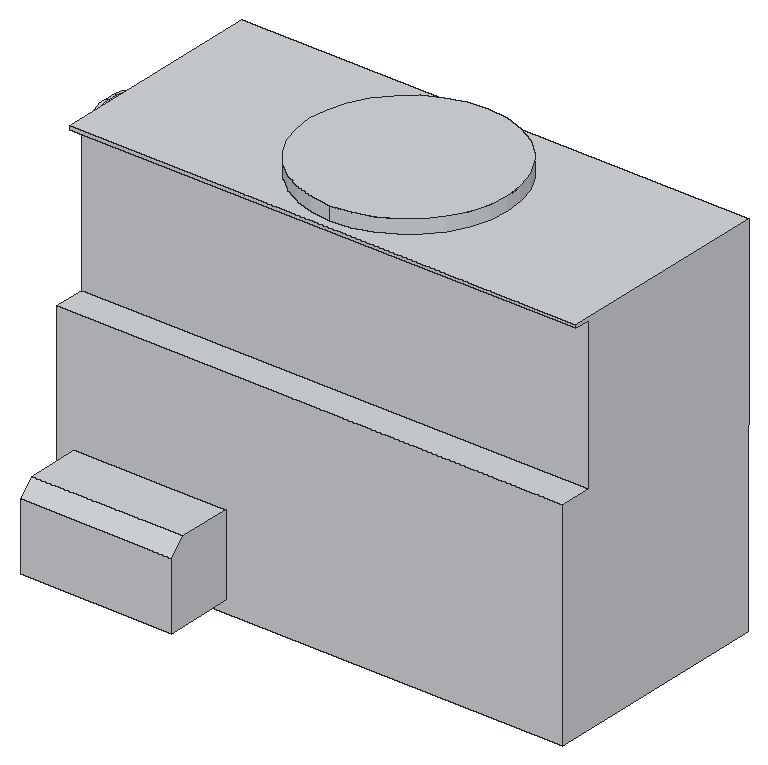
Revit family "581b372560b144fbbfe959cab2be61c9", category Mechanical Equipment, Revit 2021
Family settings
  Round Connector Dimension = Use Radius
  Part Type = Normal
  OmniClass Number = 23.75.10.37.11
  OmniClass Title = Mechanical-Draft Cooling Towers
  Seek Item ID = Cooling Tower - Closed Circuit - Counterflow - 147-322 MBH-0000-USA-ENU
  Work Plane-Based = No
  Always vertical = Yes
  Cut with Voids When Loaded = No
  Shared = No
  Room Calculation Point = No
Parameters (values of type "147 MBH")
  Voltage = 460 V
  Visible 2 = yes
  Visible 1 = no
  Tower Material = none
  Tower Length = 11' - 11 1/2"
  Tower Height = 9' - 0 3/4"
  Make-up Water Pressure Drop [instance] = 0.00 psi
  Load Classification = Cooling
  Default Elevation = 0' - 0"
  Cooling Water Pressure Drop [instance] = 40.00 psi
  Number of Poles = 3
  Number of Fans = 1
  Motor HP = 16.5
  Make-up Water Radius = 1"
  Make-up Water Flow [instance] = 0.05 * Cooling Water Flow / 100  # 0.1225 GPM
  Length 2 = Tower Length / 3  # 3' - 11.83333"
  Length 1 = 1' - 1 1/8"
  Heat Loss [instance] = 147000 Btu/h
  Fan Air Flow [instance] = 38800 CFM
  Drain Radius = 2"
  Distance 1 = 2' - 6 3/4"
  Cooling Water Radius = Cooling Water Diameter / 2  # 2"
  Cooling Water Flow [instance] = 245 GPM
  Cooling Water Diameter = 4"
  C1 Offset 1 = 2' - 7 1/8"
  Apparent Load = 10342 VA
Types (8): name | Visible 2 | Visible 1 | Tower Length | Tower Height | Cooling Water Pressure Drop | Number of Fans | Motor HP | Make-up Water Flow | Length 2 | Length 1 | Heat Loss | Fan Air Flow | Distance 1 | Cooling Water Flow | C1 Offset 1 | Apparent Load
  (no name) | yes | no | 11' - 11 1/2" | 9' - 0 3/4" | 40.00 psi | 1 | 16.5 | 0.1225 GPM | 3' - 11.83333" | 1' - 1 1/8" | 147000 Btu/h | 38800 CFM | 2' - 6 3/4" | 245 GPM | 2' - 7 1/8" | 10342 VA
  147 MBH | yes | no | 11' - 11 1/2" | 9' - 0 3/4" | 40.00 psi | 1 | 16.5 | 0.1225 GPM | 3' - 11.83333" | 1' - 1 1/8" | 147000 Btu/h | 38800 CFM | 2' - 6 3/4" | 245 GPM | 2' - 7 1/8" | 10342 VA
  178 MBH | yes | no | 11' - 11 1/2" | 9' - 9 1/4" | 40.00 psi | 1 | 17 | 0.1725 GPM | 3' - 11.83333" | 1' - 1 1/8" | 178000 Btu/h | 38000 CFM | 2' - 6 3/4" | 345 GPM | 2' - 7 1/8" | 10655 VA
  200 MBH | yes | no | 11' - 11 1/2" | 10' - 5 3/4" | 40.00 psi | 1 | 22 | 0.1725 GPM | 3' - 11.83333" | 1' - 1 1/8" | 200000 Btu/h | 37000 CFM | 2' - 6 3/4" | 345 GPM | 2' - 7 1/8" | 13789 VA
  213 MBH | no | yes | 18' - 0 1/8" | 9' - 0 3/4" | 40.00 psi | 2 | 23 | 0.2575 GPM | 6' - 0.04167" | 1' - 3 3/4" | 223000 Btu/h | 52500 CFM | 30' - 9" | 515 GPM | 2' - 7" | 14416 VA
  269 MBH | no | yes | 18' - 0 1/8" | 9' - 9 1/4" | 45.00 psi | 2 | 28 | 0.2575 GPM | 6' - 0.04167" | 1' - 3 3/4" | 269000 Btu/h | 55600 CFM | 30' - 9" | 515 GPM | 2' - 7" | 17549 VA
  303 MBH | no | yes | 18' - 0 1/8" | 10' - 5 3/4" | 45.00 psi | 2 | 28 | 0.2575 GPM | 6' - 0.04167" | 1' - 3 3/4" | 303000 Btu/h | 53800 CFM | 30' - 9" | 515 GPM | 2' - 7" | 17549 VA
  322 MBH | no | yes | 18' - 0 1/8" | 11' - 2 1/4" | 45.00 psi | 2 | 33 | 0.2575 GPM | 6' - 0.04167" | 1' - 3 3/4" | 322000 Btu/h | 52700 CFM | 30' - 9" | 515 GPM | 2' - 7" | 20683 VA
Reference planes (in)
  plane 1 "Center (Front/Back)": y = 0
  plane 2: z = 0
  plane 3 "Center (Left/Right)": x = 0
  plane 4: x = 143.5
  plane 5: y = 65.5
  plane 6: y = 9
  plane 7: x = -13.125
  plane 8: y = 4.5
  plane 9 "2": x = -7.125
  plane 10 "1": y = 59.5
  plane 11: z = 26.25
  plane 12: z = 17.25
  plane 13: z = 11.25
  plane 14: z = 3.25
  plane 15: z = 14.25
  plane 16: z = 108.75
  plane 17: z = 103.875
  plane 18: z = 104.875
  plane 19: z = 61.125
  plane 20: z = 5.25
  plane 21: z = 9.25
  plane 22: x = -3.125
  plane 23: y = 33.25
  plane 24: y = 23.25
  plane 25: y = 27.25
  plane 26: z = 18.25
  plane 27 "3": z = 96.875
  plane 28: z = 92.875
  plane 29: y = 34.375
  plane 30: y = 30.375
  plane 31: z = 65.75
  plane 32: z = 78.875
  plane 33: z = 35.25
  plane 34: y = 47.125
  plane 35: x = -2
  plane 36: y = -19.125
  plane 37: y = -15.125
  plane 38: z = 22.25
  plane 39: x = 5
  plane 40: x = 138.5
  plane 41: z = 56.125
  plane 42: x = 47.83333
  plane 43: z = 5
  plane 44: z = 47.60417
  plane 45: z = 30.5625
  plane 46: z = 13.52083
  plane 47: z = 39.08333
  plane 48: z = 22.04167
  plane 49: x = 71.75
  plane 50: x = 35.875
  plane 51: x = 107.625
  plane 52: y = 35
Forms (in)
  Extrusion 1, solid, material <- "Tower Material", detail levels medium+fine
    sketch origin (0, 0, 0) x (1, 0, 0) y (0, 1, 0)
      loop
        circle (-7.125, 59.5) r 6
    from 11.25 to 17.25
  Extrusion 2, solid, material <- "Tower Material", detail levels medium+fine
    sketch origin (0, 0, 0) x (1, 0, 0) y (0, 1, 0)
      loop
        circle (-7.125, 59.5) r 4
    from 17.25 to 26.25
  Extrusion 3, solid, material <- "Tower Material"
    sketch origin (0, 0, 0) x (0, 1, 0) y (0, 0, 1)
      loop
        line (65.5, 104.875) -> (4.5, 104.875) -> (4.5, 103.875) -> (9, 103.875) -> (9, 61.125) -> (0, 61.125) -> (0, 0) -> (65.5, 0) -> (65.5, 104.875)
    from 143.5 to 0
  Sweep 4, solid, material <- "Tower Material", detail levels medium+fine
    path in 3D
      loop
        line (-7.125, 59.5, 11.25) -> (-7.125, 59.5, 9.25)
        arc (-7.125, 59.5, 9.25) -> (-5.95343, 59.5, 6.42157) -> (-3.125, 59.5, 5.25) r 4
        line (-3.125, 59.5, 5.25) -> (0, 59.5, 5.25)
    profile origin (-7.125, 59.5, 10.25) x (0, -1, 0) y (1, 0, 0)
      loop
        circle (0, 0) r 2
  Sweep 5, solid, material <- "Tower Material", detail levels medium+fine
    path in 3D
      loop
        line (-7.125, 59.5, 14.25) -> (-7.125, 27.25, 14.25)
        arc (-7.125, 27.25, 14.25) -> (-7.125, 24.42157, 15.42157) -> (-7.125, 23.25, 18.25) r 4
        line (-7.125, 23.25, 18.25) -> (-7.125, 23.25, 92.875)
        arc (-7.125, 23.25, 92.875) -> (-7.125, 24.42157, 95.70343) -> (-7.125, 27.25, 96.875) r 4
        line (-7.125, 27.25, 96.875) -> (-7.125, 30.375, 96.875)
        arc (-7.125, 30.375, 96.875) -> (-5.95343, 33.20343, 96.875) -> (-3.125, 34.375, 96.875) r 4
        line (-3.125, 34.375, 96.875) -> (0, 34.375, 96.875)
    profile origin (-7.125, 43.375, 14.25) x (0, 0, -1) y (1, 0, 0)
      loop
        circle (0, 0) r 2
  Extrusion 6, solid, material <- "Tower Material"
    sketch origin (-7.125, 0, 0) x (0, 1, 0) y (0, 0, 1)
      loop
        circle (34.375, 78.875) r 2
      loop
        circle (34.375, 65.75) r 2
    from -6 to 7.125
  Extrusion 7, solid, material <- "Tower Material"
    sketch origin (-7.125, 0, 0) x (0, 1, 0) y (0, 0, 1)
      loop
        circle (33.25, 26.25) r 1
      loop
        circle (47.125, 35.25) r 9
    from 7.125 to 5.125
  Extrusion 8, solid, material <- "Tower Material"
    sketch origin (-7.125, 0, 0) x (0, 1, 0) y (0, 0, 1)
      loop
        circle (47.125, 3.25) r 2
    from 5.125 to 7.125
  Extrusion 9, solid, material <- "Tower Material"
    sketch origin (-7.125, 0, 0) x (0, 1, 0) y (0, 0, 1)
      loop
        line (0, 26.25) -> (-15.125, 26.25) -> (-19.125, 22.25) -> (-19.125, 3.25) -> (0, 3.25) -> (0, 26.25)
    from 12.125 to 54.95833
  Extrusion 10, solid, material <- "Tower Material", visible <- "Visible 1"
    sketch origin (0, 0, 96.875) x (0, 1, 0) y (-1, 0, 0)
      loop
        circle (35, -107.625) r 28
    from 8 to 11.875
  Extrusion 11, solid, material <- "Tower Material", visible <- "Visible 1"
    sketch origin (0, 0, 96.875) x (0, 1, 0) y (-1, 0, 0)
      loop
        circle (35, -35.875) r 28
    from 8 to 11.875
  Extrusion 12, solid, material <- "Tower Material", visible <- "Visible 2"
    sketch origin (0, 0, 96.875) x (0, 1, 0) y (-1, 0, 0)
      loop
        circle (35, -71.75) r 28
    from 8 to 11.875
Cuts and joins
  joined: Extrusion 1, Extrusion 2, Sweep 4, Sweep 5
  joined: Extrusion 3, Extrusion 6, Extrusion 7, Extrusion 8, Extrusion 9
Lines and regions (in)
  reference lines
    curve 1: line (-7.125, 59.5, 11.25) -> (-7.125, 59.5, 9.25)
    curve 2: line (-3.125, 59.5, 5.25) -> (0, 59.5, 5.25)
    curve 3: arc (-7.125, 59.5, 9.25) -> (-5.95343, 59.5, 6.42157) -> (-3.125, 59.5, 5.25) r 4
    curve 7: line (-7.125, 59.5, 14.25) -> (-7.125, 27.25, 14.25)
    curve 8: arc (-7.125, 27.25, 14.25) -> (-7.125, 24.42157, 15.42157) -> (-7.125, 23.25, 18.25) r 4
    curve 9: line (-7.125, 23.25, 18.25) -> (-7.125, 23.25, 92.875)
    curve 10: arc (-7.125, 23.25, 92.875) -> (-7.125, 24.42157, 95.70343) -> (-7.125, 27.25, 96.875) r 4
    curve 11: line (-7.125, 30.375, 96.875) -> (-7.125, 27.25, 96.875)
    curve 12: arc (-7.125, 30.375, 96.875) -> (-5.95343, 33.20343, 96.875) -> (-3.125, 34.375, 96.875) r 4
    curve 13: line (-3.125, 34.375, 96.875) -> (0, 34.375, 96.875)
  sketch lines
    curve 4: line (-7.125, 59.5, 11.25) -> (-7.125, 59.5, 9.25)
    curve 5: arc (-7.125, 59.5, 9.25) -> (-5.95343, 59.5, 6.42157) -> (-3.125, 59.5, 5.25) r 4
    curve 6: line (-3.125, 59.5, 5.25) -> (0, 59.5, 5.25)
    curve 14: line (-7.125, 59.5, 14.25) -> (-7.125, 27.25, 14.25)
    curve 15: arc (-7.125, 27.25, 14.25) -> (-7.125, 24.42157, 15.42157) -> (-7.125, 23.25, 18.25) r 4
    curve 16: line (-7.125, 23.25, 18.25) -> (-7.125, 23.25, 92.875)
    curve 17: arc (-7.125, 23.25, 92.875) -> (-7.125, 24.42157, 95.70343) -> (-7.125, 27.25, 96.875) r 4
    curve 18: arc (-7.125, 30.375, 96.875) -> (-5.95343, 33.20343, 96.875) -> (-3.125, 34.375, 96.875) r 4
    curve 19: line (-7.125, 30.375, 96.875) -> (-7.125, 27.25, 96.875)
    curve 20: line (-3.125, 34.375, 96.875) -> (0, 34.375, 96.875)
  model lines, detail levels medium+fine
    curve 21: line (5, 0, 56.125) -> (138.5, 0, 56.125)
    curve 22: line (5, 0, 5) -> (5, 0, 56.125)
    curve 23: line (138.5, 0, 5) -> (5, 0, 5)
    curve 24: line (138.5, 0, 56.125) -> (138.5, 0, 5)
    curve 25: line (138.5, 0, 47.60417) -> (5, 0, 47.60417)
    curve 26: line (5, 0, 39.08333) -> (138.5, 0, 39.08333)
    curve 27: line (138.5, 0, 30.5625) -> (5, 0, 30.5625)
    curve 28: line (138.5, 0, 22.04167) -> (5, 0, 22.04167)
    curve 29: line (138.5, 0, 13.52083) -> (5, 0, 13.52083)
Dimensions and locks (in)
  "Tower Length": plane 3 "Center (Left/Right)" to plane 4
  locked: plane 1 "Center (Front/Back)" to plane 5 at 65.5
  "Length 1": plane 7 to plane 3 "Center (Left/Right)"
  locked: plane 6 to plane 1 "Center (Front/Back)" at 9
  equal spacing: plane 1 "Center (Front/Back)", plane 8, plane 6
  locked: plane 7 to plane 9 "2" at 6
  locked: plane 11 to plane 2 at 26.25
  locked: plane 5 to plane 10 "1" at 6
  locked: plane 11 to plane 12 at 9
  locked: plane 12 to plane 13 at 6
  locked: plane 14 to plane 2 at 3.25
  equal spacing: plane 13, plane 15, plane 12
  "Tower Height": plane 16 to plane 2
  locked: plane 16 to plane 17 at 4.875
  locked: plane 18 to plane 17 at 1
  locked: plane 19 to plane 2 at 61.125
  locked: plane 20 to plane 14 at 2
  locked: plane 21 to plane 20 at 4
  locked: plane 22 to plane 9 "2" at 4
  locked: plane 5 to plane 23 at 32.25
  locked: plane 23 to plane 24 at 10
  locked: plane 25 to plane 24 at 4
  locked: plane 26 to plane 15 at 4
  locked: plane 17 to plane 27 "3" at 7
  locked: plane 27 "3" to plane 28 at 4
  "C1 Offset 1": plane 5 to plane 29
  locked: plane 29 to plane 30 at 4
  locked: plane 31 to plane 19 at 4.625
  "Length 1": plane 32 to plane 31
  locked: plane 33 to plane 11 at 9
  locked: plane 5 to plane 34 at 18.375
  locked: plane 35 to plane 3 "Center (Left/Right)" at 2
  locked: plane 1 "Center (Front/Back)" to plane 36 at 19.125
  locked: plane 38 to plane 11 at 4
  locked: plane 37 to plane 36 at 4
  "Length 2": plane 42 to plane 3 "Center (Left/Right)"
  locked: plane 39 to plane 3 "Center (Left/Right)" at 5
  locked: plane 4 to plane 40 at 5
  locked: plane 19 to plane 41 at 5
  locked: plane 43 to plane 2 at 5
  equal spacing: plane 41, plane 44, plane 47, plane 45, plane 48, plane 46, plane 43
  equal spacing: plane 3 "Center (Left/Right)", plane 50, plane 49, plane 51, plane 4
  equal spacing: plane 5, plane 52, plane 8
  radius of Extrusion 1 sketch curve = 0' - 6"
  radius of Extrusion 2 sketch curve = 0' - 4"
  radius of curve 3 = 0' - 4"
  radius of Sweep 4 sketch curve = 0' - 2"
  radius of curve 8 = 0' - 4"
  radius of curve 10 = 0' - 4"
  radius of curve 12 = 0' - 4"
  radius of Sweep 5 sketch curve = 0' - 2"
  "Cooling Water Radius": radius of Extrusion 6 sketch curve  (x2)
  radius of Extrusion 7 sketch curve = 0' - 1"
  radius of Extrusion 7 sketch curve = 0' - 9"
  radius of Extrusion 8 sketch curve = 0' - 2"
  radius of Extrusion 10 sketch curve = 2' - 4"
  radius of Extrusion 11 sketch curve = 2' - 4"
  radius of Extrusion 12 sketch curve = 2' - 4"
  aligned and locked: plane 9 "2" to Extrusion 1 sketch curve
  aligned and locked: plane 10 "1" to Extrusion 1 sketch curve
  aligned and locked: plane 12 to Extrusion 1
  aligned and locked: plane 13 to Extrusion 1
  aligned and locked: plane 9 "2" to Extrusion 2 sketch curve
  aligned and locked: plane 10 "1" to Extrusion 2 sketch curve
  aligned and locked: plane 11 to Extrusion 2
  aligned and locked: Extrusion 2 to plane 12
  aligned and locked: Extrusion 3 sketch curve to plane 5
  aligned and locked: plane 19 to Extrusion 3 sketch curve
  aligned and locked: Extrusion 3 sketch curve to plane 6
  aligned and locked: plane 1 "Center (Front/Back)" to Extrusion 3 sketch curve
  aligned and locked: Extrusion 3 sketch curve to plane 2
  aligned and locked: plane 18 to Extrusion 3 sketch curve
  aligned and locked: plane 8 to Extrusion 3 sketch curve
  aligned and locked: plane 4 to Extrusion 3
  aligned and locked: Extrusion 3 to plane 3 "Center (Left/Right)"
  aligned and locked: plane 22 to curve 3
  aligned and locked: plane 21 to curve 3
  aligned and locked: plane 25 to curve 8
  aligned and locked: plane 26 to curve 8
  aligned and locked: plane 25 to curve 10
  aligned and locked: plane 28 to curve 10
  aligned and locked: plane 22 to curve 12
  aligned and locked: plane 30 to curve 12
  aligned and locked: plane 29 to Extrusion 6 sketch curve  (x2)
  aligned and locked: plane 31 to Extrusion 6 sketch curve
  aligned and locked: plane 32 to Extrusion 6 sketch curve
  aligned and locked: Extrusion 6 to plane 7
  aligned and locked: plane 3 "Center (Left/Right)" to Extrusion 6
  aligned and locked: plane 23 to Extrusion 7 sketch curve
  aligned and locked: plane 11 to Extrusion 7 sketch curve
  aligned and locked: plane 34 to Extrusion 7 sketch curve
  aligned and locked: plane 33 to Extrusion 7 sketch curve
  aligned and locked: Extrusion 7 to plane 3 "Center (Left/Right)"
  aligned and locked: Extrusion 7 to plane 35
  aligned and locked: plane 34 to Extrusion 8 sketch curve
  aligned and locked: plane 14 to Extrusion 8 sketch curve
  aligned and locked: Extrusion 7 to Extrusion 8
  aligned and locked: plane 3 "Center (Left/Right)" to Extrusion 8
  aligned and locked: plane 11 to Extrusion 9 sketch curve
  aligned and locked: plane 36 to Extrusion 9 sketch curve
  aligned and locked: Extrusion 9 sketch curve to plane 14
  aligned and locked: Extrusion 9 sketch curve to plane 1 "Center (Front/Back)"
  aligned and locked: plane 38 to Extrusion 9 sketch curve
  aligned and locked: plane 37 to Extrusion 9 sketch curve
  aligned and locked: plane 42 to Extrusion 9
  aligned and locked: Extrusion 9 to plane 39
  aligned and locked: plane 39 to curve 21
  aligned and locked: curve 21 to plane 41
  aligned and locked: plane 43 to curve 24
  aligned and locked: curve 24 to plane 40
  aligned and locked: plane 52 to Extrusion 10 sketch curve
  aligned and locked: plane 51 to Extrusion 10 sketch curve
  aligned and locked: plane 50 to Extrusion 11 sketch curve
  aligned and locked: plane 52 to Extrusion 11 sketch curve
  aligned and locked: plane 49 to Extrusion 12 sketch curve
  aligned and locked: plane 52 to Extrusion 12 sketch curve
  aligned and locked: plane 16 to Extrusion 11
  aligned and locked: Extrusion 12 to plane 16
  aligned and locked: Extrusion 10 to plane 16
  aligned and locked: Extrusion 11 to plane 18
  aligned and locked: Extrusion 12 to plane 18
  aligned and locked: plane 18 to Extrusion 10
Automatic sketch dimensions
  Extrusion 3 sketch curve to plane 17 = 0' - 0"
  curve 2 to plane 3 "Center (Left/Right)" = 0' - 0"
  curve 1 to plane 13 = 0' - 0"
  Sweep 4 sketch curve to profile plane = 0' - 0"  (x2)
  curve 11 to plane 30 = 0' - 0"
  curve 7 to plane 10 "1" = 0' - 0"
  curve 13 to plane 3 "Center (Left/Right)" = 0' - 0"
  Sweep 5 sketch curve to profile plane = 0' - 0"  (x2)
  curve 29 to plane 46 = 0' - 0"
  curve 28 to plane 48 = 0' - 0"
  curve 27 to plane 45 = 0' - 0"
  curve 26 to plane 47 = 0' - 0"
  curve 25 to plane 44 = 0' - 0"
Connectors (in)
  piping at (-13.125, 34.375, 78.875), diameter 4, driven by "Cooling Water Radius", driven by "Cooling Water Pressure Drop", driven by "Cooling Water Flow"
    settings: on cut or joined group of Extrusion 3, Extrusion 6, Extrusion 7, Extrusion 8, Extrusion 9, index 1, connector inside diameter 4", connector length 0' - 0", flow factor 0, pipe flow 245 GPM, pressure drop 40.00 psi, fitting loss kfactor 0, connector angle 0.00°, fixture units 0, engagement length 0' - 0", angle of deflection 0.00°, flow configuration 0, flow direction 2, fitting loss method 4, system type 7, joint type 0, gender type 0, connector reference index 2, connector utility 0, adjustable connector no, is connector primary yes, connector description "Condenser Water Out"
  piping at (-13.125, 34.375, 65.75), diameter 4, driven by "Cooling Water Radius", driven by "Cooling Water Flow"
    settings: on cut or joined group of Extrusion 3, Extrusion 6, Extrusion 7, Extrusion 8, Extrusion 9, index 2, connector inside diameter 4", connector length 0' - 0", flow factor 0, pipe flow 245 GPM, pressure drop 0.00 psi, fitting loss kfactor 0, connector angle 0.00°, fixture units 0, engagement length 0' - 0", angle of deflection 0.00°, flow configuration 0, flow direction 1, fitting loss method 0, system type 8, joint type 0, gender type 0, connector reference index 1, connector utility 0, adjustable connector no, is connector primary no, connector description "Condenser Water In"
  piping at (-2, 33.25, 26.25), diameter 2, driven by "Make-up Water Radius", driven by "Make-up Water Pressure Drop", driven by "Make-up Water Flow"
    settings: on cut or joined group of Extrusion 3, Extrusion 6, Extrusion 7, Extrusion 8, Extrusion 9, index 3, connector inside diameter 2", connector length 0' - 0", flow factor 0, pipe flow 0.1225 GPM, pressure drop 0.00 psi, fitting loss kfactor 0, connector angle 0.00°, fixture units 0, engagement length 0' - 0", angle of deflection 0.00°, flow configuration 1, flow direction 1, fitting loss method 4, system type 20, joint type 0, gender type 0, connector reference index -1, connector utility 0, adjustable connector no, is connector primary no, connector description "Make-up Water In"
  piping at (-2, 47.125, 3.25), diameter 4, driven by "Drain Radius"
    settings: on cut or joined group of Extrusion 3, Extrusion 6, Extrusion 7, Extrusion 8, Extrusion 9, index 4, connector inside diameter 4", connector length 0' - 0", flow factor 0, pipe flow 0 GPM, pressure drop 0.00 psi, fitting loss kfactor 0, connector angle 0.00°, fixture units 0, engagement length 0' - 0", angle of deflection 0.00°, flow configuration 1, flow direction 2, fitting loss method 0, system type 16, joint type 0, gender type 0, connector reference index -1, connector utility 0, adjustable connector yes, is connector primary no, connector description "Drain Out"
  electrical at (5, -10.675, 16.25), driven by "Apparent Load", driven by "Voltage", driven by "Number of Poles", driven by "Load Classification"
    settings: on cut or joined group of Extrusion 3, Extrusion 6, Extrusion 7, Extrusion 8, Extrusion 9, index 5, voltage 460 V, apparent load 10342 VA, apparent load phase1 0 VA, apparent load phase2 0 VA, apparent load phase3 0 VA, power factor 0.8, load classification "Cooling", number of poles 3, system type 30, power factor state 1, is connector primary yes, connector utility no, sub classification motor no, connector description ""
